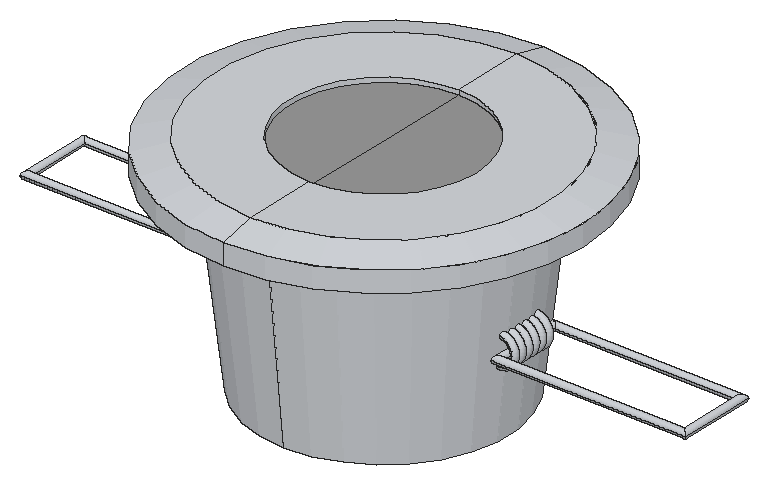
Revit family "0005364-3000K", category Lighting Fixtures, host Face, Revit 2018
Family settings
  Host = Face
  Round Connector Dimension = Use Diameter
  Part Type = Normal
  OmniClass Number = 23.80.70.00
  OmniClass Title = Lighting
  Cut with Voids When Loaded = No
  Light Source = Yes
  Shared = No
  Room Calculation Point = No
Parameters (values of type "0005364 OBICO 68 IP65 530LM 3CCT DIM ADJ BLK")
  Weight = "n/a"
  Wattage Comments = ""
  Wattage = 159.577 W
  WarrantyStartDate [instance] = "n/a"
  WarrantyGuarantorParts = "n/a"
  WarrantyDurationUnit = "n/a"
  WarrantyDurationParts = ""
  WarrantyDescription = "http://www.sylvania-lighting.com"
  built-in parameter 1150110 = 1 (stored number, unit not read)
  Voltage = 0 V
  URL = "0.8"
  TypeName = "OBICO 68 IP65 530lm 3CCT DIM ADJ BLACK"
  Type Image = <None>
  Type Comments = "n/a"
  built-in parameter 1114217 = 1 (stored number, unit not read)
  Tilt Angle = -90.00°
  built-in parameter 1150109 = 1 (stored number, unit not read)
  built-in parameter 1150134 = 12
  built-in parameter 1150113 = 1 (stored number, unit not read)
  SerialNumber [instance] = "n/a"
  Photometric Web File = "0005364-3000K.ies"
  Material_3_SYL = none
  PowerFactor = 0.9
  PowerConsumption = "Lighting"
  NominalLength = 117 mm
  NominalHeight = 54 mm
  NominalDepth = 96 mm
  Name = "OBICO 68 IP65 530lm 3CCT DIM ADJ BLACK"
  ModelReference = Name  # "OBICO 68 IP65 530lm 3CCT DIM ADJ BLACK"
  ModelNumber = "0005364"
  Model = Name  # "OBICO 68 IP65 530lm 3CCT DIM ADJ BLACK"
  Material = "Feilo Sylvania"
  ManufacturerName = "98 lm/W"
  Manufacturer = ""
  LuminousEfficacy = ""
  built-in parameter 1150105 = 21010 (stored number, unit not read)
  Lumens = 13404.5 lm
  LuminaireType = "0"
  built-in parameter 1150115 = 1 (stored number, unit not read)
  LightOutputRatio = "LED"
  built-in parameter 1150137 = (empty or 0)
  built-in parameter 1150139 = (empty or 0)
  LampsType = Lamp  # "n/a"
  LampNominalLuminous = "3000 K"
  LampMacAdamStep = "90"
  LampColourTemperature = "LED"
  LampColourRenderingIndex = "16500"
  built-in parameter 1150112 = 1 (stored number, unit not read)
  built-in parameter 1150114 = 1 (stored number, unit not read)
  Lamp = "n/a"
  Keynote = "n/a"
  InstallationDate [instance] = "n/a"
  InputVoltage = "0"
  InputNominalFrequency = "3000"
  built-in parameter 1150132 = (empty or 0)
  built-in parameter 1150102 = (empty or 0)
  built-in parameter 1150107 = 4000 (stored number, unit not read)
  built-in parameter 1150138 = (empty or 0)
  IngressProtection = "IfcLightFixtureType"
  ImpactProtectionIndex = "IfcLightFixtureType"
  built-in parameter 1150106 = 210.1 (stored number, unit not read)
  IfcExportType = "IfcLightFixtureType"
  IfcExportAs = "Class II"
  Emit from Circle Diameter = 609.6 mm
  Emit Shape Visible in Rendering = no
  ElectricShockClassification = "98"
  built-in parameter 1150104 = 7.8039 (stored number, unit not read)
  DocumentationLiterature = "http://www.sylvania-lighting.com/product/en-int/products/0005364"
  DimmingControlOptions = "n/a"
  Material_2_SYL = none
  Dimming Lamp Color Temperature Shift = <None>
  Description = "OBICO 68 IP65 530lm 3CCT DIM ADJ BLACK"
  Default Elevation = 1219.2 mm
  CreatedOn = "27/07/2022"
  CreatedBy = "@sylvania-lighting.com"
  Cost = 0
  Color Filter = 16777215
  built-in parameter 1114216 [instance] = (empty or 0)
  ClassificationValue = "EF_70_80"
  ClassificationName = "Uniclass2015"
  Material_1_SYL = Default
  BarCode [instance] = "n/a"
  built-in parameter 1114218 = 1 (stored number, unit not read)
  built-in parameter 1150133 = 10 (stored number, unit not read)
  AssetType = "Fixed"
  AssetIdentifier [instance] = "n/a"
  Assembly Code = "D5020200"
  Apparent Load = 5.4 VA
  Material_4_SYL = none
Reference planes
  plane 1 "Center (Front/Back)": y = 0
  plane 2: z = 0
  plane 3 "Center (Left/Right)": x = 0
  plane 4: y = -48
  plane 5: y = 48
  plane 6: z = 7
  plane 7: z = -4
  plane 8: z = -47
  plane 9: y = 40
  plane 10: y = -40
  plane 11: y = 30
  plane 12: y = -30
  plane 13: y = -35
  plane 14: y = 35
  plane 15: z = 5
  plane 16: y = 22.5
  plane 17: z = 6
Forms (mm)
  Revolve 1, solid, detail levels medium+fine
    sketch origin (0.25, 1524, 1219.2) x (0, 1, 0) y (0, 0, 1)
      loop
        line (-1524, -1214.2) -> (-1524, -1266.2) -> (-1494, -1266.2) -> (-1489, -1223.2) -> (-1489, -1219.2) -> (-1476, -1219.2) -> (-1476, -1214.2) -> (-1484, -1212.2) -> (-1501.5, -1212.2) -> (-1501.5, -1214.2) -> (-1524, -1214.2)
      axis (-1524, -1266.2) -> (-1524, -1212.2)
    angle from 360 to 0
  Revolve 2, solid, material "Glass, White, High Luminance", detail levels fine
    sketch origin (0.25, 1524, 1219.2) x (0, 1, 0) y (0, 0, 1)
      loop
        line (-1501.5, -1213.2) -> (-1524, -1213.2) -> (-1524, -1214.2) -> (-1501.5, -1214.2) -> (-1501.5, -1213.2)
      axis (-1524, -1214.2) -> (-1524, -1213.2)
    angle from 360 to 0
  Sweep 3, solid, detail levels fine
    path origin (-4.117, 0.46, 7.176) x (1, 0, 0) y (0, 1, 0)
      loop
        line (-75, 8.5) -> (-75, -8.5) -> (-30, -8.5) -> (-30, 8.5) -> (-75, 8.5)
    profile origin (-56.617, 8.96, 7.176) x (0, 1, 0) y (0, 0, 1)
      loop
        circle (0, -33.041) r 0.899
  Revolve 4, solid, detail levels fine
    sketch origin (-32.259, 1523.987, 1226.512) x (0, 1, 0) y (0, 0, 1)
      loop
        circle (-1518.723, -1248.745) r 0.801
      loop
        circle (-1520.733, -1248.823) r 0.801
      loop
        circle (-1522.743, -1248.823) r 0.801
      loop
        circle (-1524.772, -1248.823) r 0.801
      loop
        circle (-1526.817, -1248.823) r 0.801
      loop
        circle (-1528.846, -1248.823) r 0.801
      axis (-1529.647, -1252.2) -> (-1517.923, -1252.2)
    angle from -29.09 to 193.564
  Sweep 5, solid, detail levels fine
    path origin (4.117, 0.46, 7.176) x (-1, 0, 0) y (0, -1, 0)
      loop
        line (-75, -8.5) -> (-30, -8.5) -> (-30, 8.5) -> (-75, 8.5) -> (-75, -8.5)
    profile origin (56.617, 8.96, 7.176) x (0, -1, 0) y (0, 0, 1)
      loop
        circle (0, -33.041) r 0.899
  Revolve 6, solid, detail levels fine
    sketch origin (32.259, 1523.987, 1226.512) x (0, 1, 0) y (0, 0, -1)
      loop
        circle (-1518.723, 1248.745) r 0.801
      loop
        circle (-1520.733, 1248.823) r 0.801
      loop
        circle (-1522.743, 1248.823) r 0.801
      loop
        circle (-1524.772, 1248.823) r 0.801
      loop
        circle (-1526.817, 1248.823) r 0.801
      loop
        circle (-1528.846, 1248.823) r 0.801
      axis (-1529.647, 1252.2) -> (-1517.923, 1252.2)
    angle from -29.09 to 193.564
  Extrusion 7, solid, detail levels coarse
    sketch origin (0, 0, 0) x (1, 0, 0) y (0, 0, 1)
      loop
        line (-80, 7) -> (-80, -47) -> (80.006, -47) -> (80.006, 7) -> (-80, 7)
    from -47.265 to 48.022
Dimensions and locks
  aligned and locked: plane 2 to host face
  aligned and locked: level to host face
  aligned and locked: Revolve 2 sketch curve to plane 17
  aligned and locked: Revolve 2 sketch curve to plane 16
  aligned and locked: Revolve 2 sketch curve to Revolve 1
  aligned and locked: plane 1 "Center (Front/Back)" to Revolve 2 sketch curve
Connectors
  electrical at (0.25, -30, -47)
    settings: on Revolve 1, index 1, voltage 0 V, apparent load 0 VA, apparent load phase1 0 VA, apparent load phase2 0 VA, apparent load phase3 0 VA, power factor 1, load classification "Other", number of poles 1, system type 31, power factor state 1, is connector primary yes, connector utility no, sub classification motor no, connector description ""
